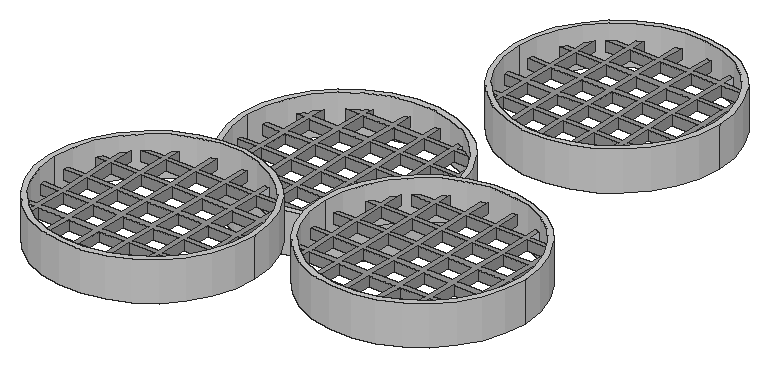
Revit family "CLD-FMD-002_BASKET_RFA", category Modelos genéricos, Revit 2022 (continued)
Forms (in)
  Extrusion 237, solid, not visible
    sketch origin (-0.00149, 0.00149, -1.20924) x (0, 1, 0) y (0, 0, -1)
      loop
        line (0.96881, 1.14538) -> (0.96881, -1.85462) -> (0.65631, -1.85462) -> (0.65631, -2.35462) -> (0.96881, -2.35462) -> (3.48948, -2.35462) -> (3.48948, -0.60462) -> (4.19814, -0.60462) -> (4.19814, -2.35462) -> (9.23948, -2.35462) -> (9.23948, -0.60462) -> (9.94814, -0.60462) -> (9.94814, -2.35462) -> (14.98948, -2.35462) -> (14.98948, -0.60462) -> (15.69814, -0.60462) -> (15.69814, -2.35462) -> (20.73948, -2.35462) -> (20.73948, -0.60462) -> (21.44814, -0.60462) -> (21.44814, -2.35462) -> (24.28131, -2.35462) -> (24.28131, -1.85462) -> (23.96881, -1.85462) -> (23.96881, 1.14538) -> (0.96881, 1.14538)
    from -4.19963 to -4.08152
  Extrusion 238, solid, not visible
    sketch origin (0, 0, 0) x (1, 0, 0) y (0, 0, 1)
      loop
        line (0.96881, 0.64538) -> (0.96881, -2.35462) -> (3.48948, -2.35462) -> (3.48948, -0.60462) -> (4.19814, -0.60462) -> (4.19814, -2.35462) -> (9.23948, -2.35462) -> (9.23948, -0.60462) -> (9.94814, -0.60462) -> (9.94814, -2.35462) -> (14.98948, -2.35462) -> (14.98948, -0.60462) -> (15.69814, -0.60462) -> (15.69814, -2.35462) -> (20.73948, -2.35462) -> (20.73948, -0.60462) -> (21.44814, -0.60462) -> (21.44814, -2.35462) -> (23.96881, -2.35462) -> (23.96881, 0.64538) -> (24.28131, 0.64538) -> (24.28131, 1.14538) -> (0.65631, 1.14538) -> (0.65631, 0.64538) -> (0.96881, 0.64538)
    from -3.60908 to -3.49097
  Extrusion 239, solid, not visible
    sketch origin (0, 0, 0) x (1, 0, 0) y (0, 0, 1)
      loop
        line (0.96881, 0.64538) -> (0.96881, -2.35462) -> (3.48948, -2.35462) -> (3.48948, -0.60462) -> (4.19814, -0.60462) -> (4.19814, -2.35462) -> (9.23948, -2.35462) -> (9.23948, -0.60462) -> (9.94814, -0.60462) -> (9.94814, -2.35462) -> (14.98948, -2.35462) -> (14.98948, -0.60462) -> (15.69814, -0.60462) -> (15.69814, -2.35462) -> (20.73948, -2.35462) -> (20.73948, -0.60462) -> (21.44814, -0.60462) -> (21.44814, -2.35462) -> (23.96881, -2.35462) -> (23.96881, 0.64538) -> (24.28131, 0.64538) -> (24.28131, 1.14538) -> (0.65631, 1.14538) -> (0.65631, 0.64538) -> (0.96881, 0.64538)
    from -4.08152 to -3.60908
  Extrusion 240, solid, not visible
    sketch origin (0, 0, 0) x (1, 0, 0) y (0, 0, 1)
      loop
        line (0.96881, 0.64538) -> (0.96881, -2.35462) -> (3.48948, -2.35462) -> (3.48948, -0.60462) -> (4.19814, -0.60462) -> (4.19814, -2.35462) -> (9.23948, -2.35462) -> (9.23948, -0.60462) -> (9.94814, -0.60462) -> (9.94814, -2.35462) -> (14.98948, -2.35462) -> (14.98948, -0.60462) -> (15.69814, -0.60462) -> (15.69814, -2.35462) -> (20.73948, -2.35462) -> (20.73948, -0.60462) -> (21.44814, -0.60462) -> (21.44814, -2.35462) -> (23.96881, -2.35462) -> (23.96881, 0.64538) -> (24.28131, 0.64538) -> (24.28131, 1.14538) -> (0.65631, 1.14538) -> (0.65631, 0.64538) -> (0.96881, 0.64538)
    from -4.19963 to -4.08152
  Extrusion 241, solid, not visible
    sketch origin (0, 0, 0) x (1, 0, 0) y (0, 0, 1)
      loop
        line (0.96881, 0.64538) -> (0.96881, -2.35462) -> (3.48948, -2.35462) -> (3.48948, -0.60462) -> (4.19814, -0.60462) -> (4.19814, -2.35462) -> (9.23948, -2.35462) -> (9.23948, -0.60462) -> (9.94814, -0.60462) -> (9.94814, -2.35462) -> (14.98948, -2.35462) -> (14.98948, -0.60462) -> (15.69814, -0.60462) -> (15.69814, -2.35462) -> (20.73948, -2.35462) -> (20.73948, -0.60462) -> (21.44814, -0.60462) -> (21.44814, -2.35462) -> (23.96881, -2.35462) -> (23.96881, 0.64538) -> (24.28131, 0.64538) -> (24.28131, 1.14538) -> (0.65631, 1.14538) -> (0.65631, 0.64538) -> (0.96881, 0.64538)
    from -9.94963 to -9.83152
  Extrusion 242, solid, not visible
    sketch origin (0, 0, 0) x (1, 0, 0) y (0, 0, 1)
      loop
        line (0.96881, 0.64538) -> (0.96881, -2.35462) -> (3.48948, -2.35462) -> (3.48948, -0.60462) -> (4.19814, -0.60462) -> (4.19814, -2.35462) -> (9.23948, -2.35462) -> (9.23948, -0.60462) -> (9.94814, -0.60462) -> (9.94814, -2.35462) -> (14.98948, -2.35462) -> (14.98948, -0.60462) -> (15.69814, -0.60462) -> (15.69814, -2.35462) -> (20.73948, -2.35462) -> (20.73948, -0.60462) -> (21.44814, -0.60462) -> (21.44814, -2.35462) -> (23.96881, -2.35462) -> (23.96881, 0.64538) -> (24.28131, 0.64538) -> (24.28131, 1.14538) -> (0.65631, 1.14538) -> (0.65631, 0.64538) -> (0.96881, 0.64538)
    from -9.35908 to -9.24097
  Extrusion 243, solid, not visible
    sketch origin (0, 0, 0) x (1, 0, 0) y (0, 0, 1)
      loop
        line (0.96881, 0.64538) -> (0.96881, -2.35462) -> (3.48948, -2.35462) -> (3.48948, -0.60462) -> (4.19814, -0.60462) -> (4.19814, -2.35462) -> (9.23948, -2.35462) -> (9.23948, -0.60462) -> (9.94814, -0.60462) -> (9.94814, -2.35462) -> (14.98948, -2.35462) -> (14.98948, -0.60462) -> (15.69814, -0.60462) -> (15.69814, -2.35462) -> (20.73948, -2.35462) -> (20.73948, -0.60462) -> (21.44814, -0.60462) -> (21.44814, -2.35462) -> (23.96881, -2.35462) -> (23.96881, 0.64538) -> (24.28131, 0.64538) -> (24.28131, 1.14538) -> (0.65631, 1.14538) -> (0.65631, 0.64538) -> (0.96881, 0.64538)
    from -9.83152 to -9.35908
  Extrusion 244, solid, not visible
    sketch origin (0, 0, 0) x (1, 0, 0) y (0, 0, 1)
      loop
        line (0.96881, 0.64538) -> (0.96881, -2.35462) -> (3.48948, -2.35462) -> (3.48948, -0.60462) -> (4.19814, -0.60462) -> (4.19814, -2.35462) -> (9.23948, -2.35462) -> (9.23948, -0.60462) -> (9.94814, -0.60462) -> (9.94814, -2.35462) -> (14.98948, -2.35462) -> (14.98948, -0.60462) -> (15.69814, -0.60462) -> (15.69814, -2.35462) -> (20.73948, -2.35462) -> (20.73948, -0.60462) -> (21.44814, -0.60462) -> (21.44814, -2.35462) -> (23.96881, -2.35462) -> (23.96881, 0.64538) -> (24.28131, 0.64538) -> (24.28131, 1.14538) -> (0.65631, 1.14538) -> (0.65631, 0.64538) -> (0.96881, 0.64538)
    from -15.69963 to -15.58152
  Extrusion 245, solid, not visible
    sketch origin (0, 0, 0) x (1, 0, 0) y (0, 0, 1)
      loop
        line (0.96881, 0.64538) -> (0.96881, -2.35462) -> (3.48948, -2.35462) -> (3.48948, -0.60462) -> (4.19814, -0.60462) -> (4.19814, -2.35462) -> (9.23948, -2.35462) -> (9.23948, -0.60462) -> (9.94814, -0.60462) -> (9.94814, -2.35462) -> (14.98948, -2.35462) -> (14.98948, -0.60462) -> (15.69814, -0.60462) -> (15.69814, -2.35462) -> (20.73948, -2.35462) -> (20.73948, -0.60462) -> (21.44814, -0.60462) -> (21.44814, -2.35462) -> (23.96881, -2.35462) -> (23.96881, 0.64538) -> (24.28131, 0.64538) -> (24.28131, 1.14538) -> (0.65631, 1.14538) -> (0.65631, 0.64538) -> (0.96881, 0.64538)
    from -15.10908 to -14.99097
  Extrusion 246, solid, not visible
    sketch origin (0, 0, 0) x (1, 0, 0) y (0, 0, 1)
      loop
        line (0.96881, 0.64538) -> (0.96881, -2.35462) -> (3.48948, -2.35462) -> (3.48948, -0.60462) -> (4.19814, -0.60462) -> (4.19814, -2.35462) -> (9.23948, -2.35462) -> (9.23948, -0.60462) -> (9.94814, -0.60462) -> (9.94814, -2.35462) -> (14.98948, -2.35462) -> (14.98948, -0.60462) -> (15.69814, -0.60462) -> (15.69814, -2.35462) -> (20.73948, -2.35462) -> (20.73948, -0.60462) -> (21.44814, -0.60462) -> (21.44814, -2.35462) -> (23.96881, -2.35462) -> (23.96881, 0.64538) -> (24.28131, 0.64538) -> (24.28131, 1.14538) -> (0.65631, 1.14538) -> (0.65631, 0.64538) -> (0.96881, 0.64538)
    from -15.58152 to -15.10908
  Extrusion 247, solid, not visible
    sketch origin (0, 0, 0) x (1, 0, 0) y (0, 0, 1)
      loop
        line (0.96881, 0.64538) -> (0.96881, -2.35462) -> (3.48948, -2.35462) -> (3.48948, -0.60462) -> (4.19814, -0.60462) -> (4.19814, -2.35462) -> (9.23948, -2.35462) -> (9.23948, -0.60462) -> (9.94814, -0.60462) -> (9.94814, -2.35462) -> (14.98948, -2.35462) -> (14.98948, -0.60462) -> (15.69814, -0.60462) -> (15.69814, -2.35462) -> (20.73948, -2.35462) -> (20.73948, -0.60462) -> (21.44814, -0.60462) -> (21.44814, -2.35462) -> (23.96881, -2.35462) -> (23.96881, 0.64538) -> (24.28131, 0.64538) -> (24.28131, 1.14538) -> (0.65631, 1.14538) -> (0.65631, 0.64538) -> (0.96881, 0.64538)
    from -21.44963 to -21.33152
  Extrusion 248, solid, not visible
    sketch origin (0, 0, 0) x (1, 0, 0) y (0, 0, 1)
      loop
        line (0.96881, 0.64538) -> (0.96881, -2.35462) -> (3.48948, -2.35462) -> (3.48948, -0.60462) -> (4.19814, -0.60462) -> (4.19814, -2.35462) -> (9.23948, -2.35462) -> (9.23948, -0.60462) -> (9.94814, -0.60462) -> (9.94814, -2.35462) -> (14.98948, -2.35462) -> (14.98948, -0.60462) -> (15.69814, -0.60462) -> (15.69814, -2.35462) -> (20.73948, -2.35462) -> (20.73948, -0.60462) -> (21.44814, -0.60462) -> (21.44814, -2.35462) -> (23.96881, -2.35462) -> (23.96881, 0.64538) -> (24.28131, 0.64538) -> (24.28131, 1.14538) -> (0.65631, 1.14538) -> (0.65631, 0.64538) -> (0.96881, 0.64538)
    from -20.85908 to -20.74097
  Extrusion 249, solid, not visible
    sketch origin (0, 0, 0) x (1, 0, 0) y (0, 0, 1)
      loop
        line (0.96881, 0.64538) -> (0.96881, -2.35462) -> (3.48948, -2.35462) -> (3.48948, -0.60462) -> (4.19814, -0.60462) -> (4.19814, -2.35462) -> (9.23948, -2.35462) -> (9.23948, -0.60462) -> (9.94814, -0.60462) -> (9.94814, -2.35462) -> (14.98948, -2.35462) -> (14.98948, -0.60462) -> (15.69814, -0.60462) -> (15.69814, -2.35462) -> (20.73948, -2.35462) -> (20.73948, -0.60462) -> (21.44814, -0.60462) -> (21.44814, -2.35462) -> (23.96881, -2.35462) -> (23.96881, 0.64538) -> (24.28131, 0.64538) -> (24.28131, 1.14538) -> (0.65631, 1.14538) -> (0.65631, 0.64538) -> (0.96881, 0.64538)
    from -21.33152 to -20.85908
  Extrusion 250, solid, not visible
    sketch origin (-0.00149, 0.00149, -1.20924) x (0, 1, 0) y (0, 0, -1)
      loop
        line (0.96881, 1.14538) -> (0.96881, -1.85462) -> (0.65631, -1.85462) -> (0.65631, -2.35462) -> (0.96881, -2.35462) -> (3.48948, -2.35462) -> (3.48948, -0.60462) -> (4.19814, -0.60462) -> (4.19814, -2.35462) -> (9.23948, -2.35462) -> (9.23948, -0.60462) -> (9.94814, -0.60462) -> (9.94814, -2.35462) -> (14.98948, -2.35462) -> (14.98948, -0.60462) -> (15.69814, -0.60462) -> (15.69814, -2.35462) -> (20.73948, -2.35462) -> (20.73948, -0.60462) -> (21.44814, -0.60462) -> (21.44814, -2.35462) -> (24.28131, -2.35462) -> (24.28131, -1.85462) -> (23.96881, -1.85462) -> (23.96881, 1.14538) -> (0.96881, 1.14538)
    from -3.60908 to -3.49097
  Extrusion 251, solid, not visible
    sketch origin (0.11662, 0.00149, -1.20924) x (0, 1, 0) y (0, 0, -1)
      loop
        line (0.96881, 1.14538) -> (0.96881, -1.85462) -> (0.65631, -1.85462) -> (0.65631, -2.35462) -> (0.96881, -2.35462) -> (3.48948, -2.35462) -> (3.48948, -0.60462) -> (4.19814, -0.60462) -> (4.19814, -2.35462) -> (9.23948, -2.35462) -> (9.23948, -0.60462) -> (9.94814, -0.60462) -> (9.94814, -2.35462) -> (14.98948, -2.35462) -> (14.98948, -0.60462) -> (15.69814, -0.60462) -> (15.69814, -2.35462) -> (20.73948, -2.35462) -> (20.73948, -0.60462) -> (21.44814, -0.60462) -> (21.44814, -2.35462) -> (24.28131, -2.35462) -> (24.28131, -1.85462) -> (23.96881, -1.85462) -> (23.96881, 1.14538) -> (0.96881, 1.14538)
    from -3.96341 to -3.49097
  Extrusion 252, solid, not visible
    sketch origin (-0.00149, 0.00149, -1.20924) x (0, 1, 0) y (0, 0, -1)
      loop
        line (0.96881, 1.14538) -> (0.96881, -1.85462) -> (0.65631, -1.85462) -> (0.65631, -2.35462) -> (0.96881, -2.35462) -> (3.48948, -2.35462) -> (3.48948, -0.60462) -> (4.19814, -0.60462) -> (4.19814, -2.35462) -> (9.23948, -2.35462) -> (9.23948, -0.60462) -> (9.94814, -0.60462) -> (9.94814, -2.35462) -> (14.98948, -2.35462) -> (14.98948, -0.60462) -> (15.69814, -0.60462) -> (15.69814, -2.35462) -> (20.73948, -2.35462) -> (20.73948, -0.60462) -> (21.44814, -0.60462) -> (21.44814, -2.35462) -> (24.28131, -2.35462) -> (24.28131, -1.85462) -> (23.96881, -1.85462) -> (23.96881, 1.14538) -> (0.96881, 1.14538)
    from -4.19963 to -4.08152
  Extrusion 253, solid, not visible
    sketch origin (5.74851, 0.00149, -1.20924) x (0, 1, 0) y (0, 0, -1)
      loop
        line (0.96881, 1.14538) -> (0.96881, -1.85462) -> (0.65631, -1.85462) -> (0.65631, -2.35462) -> (0.96881, -2.35462) -> (3.48948, -2.35462) -> (3.48948, -0.60462) -> (4.19814, -0.60462) -> (4.19814, -2.35462) -> (9.23948, -2.35462) -> (9.23948, -0.60462) -> (9.94814, -0.60462) -> (9.94814, -2.35462) -> (14.98948, -2.35462) -> (14.98948, -0.60462) -> (15.69814, -0.60462) -> (15.69814, -2.35462) -> (20.73948, -2.35462) -> (20.73948, -0.60462) -> (21.44814, -0.60462) -> (21.44814, -2.35462) -> (24.28131, -2.35462) -> (24.28131, -1.85462) -> (23.96881, -1.85462) -> (23.96881, 1.14538) -> (0.96881, 1.14538)
    from -4.19963 to -4.08152
  Extrusion 254, solid, not visible
    sketch origin (5.15796, 0.00149, -1.20924) x (0, 1, 0) y (0, 0, -1)
      loop
        line (0.96881, 1.14538) -> (0.96881, -1.85462) -> (0.65631, -1.85462) -> (0.65631, -2.35462) -> (0.96881, -2.35462) -> (3.48948, -2.35462) -> (3.48948, -0.60462) -> (4.19814, -0.60462) -> (4.19814, -2.35462) -> (9.23948, -2.35462) -> (9.23948, -0.60462) -> (9.94814, -0.60462) -> (9.94814, -2.35462) -> (14.98948, -2.35462) -> (14.98948, -0.60462) -> (15.69814, -0.60462) -> (15.69814, -2.35462) -> (20.73948, -2.35462) -> (20.73948, -0.60462) -> (21.44814, -0.60462) -> (21.44814, -2.35462) -> (24.28131, -2.35462) -> (24.28131, -1.85462) -> (23.96881, -1.85462) -> (23.96881, 1.14538) -> (0.96881, 1.14538)
    from -4.19963 to -4.08152
  Extrusion 255, solid, not visible
    sketch origin (11.49851, 0.00149, -1.20924) x (0, 1, 0) y (0, 0, -1)
      loop
        line (0.96881, 1.14538) -> (0.96881, -1.85462) -> (0.65631, -1.85462) -> (0.65631, -2.35462) -> (0.96881, -2.35462) -> (3.48948, -2.35462) -> (3.48948, -0.60462) -> (4.19814, -0.60462) -> (4.19814, -2.35462) -> (9.23948, -2.35462) -> (9.23948, -0.60462) -> (9.94814, -0.60462) -> (9.94814, -2.35462) -> (14.98948, -2.35462) -> (14.98948, -0.60462) -> (15.69814, -0.60462) -> (15.69814, -2.35462) -> (20.73948, -2.35462) -> (20.73948, -0.60462) -> (21.44814, -0.60462) -> (21.44814, -2.35462) -> (24.28131, -2.35462) -> (24.28131, -1.85462) -> (23.96881, -1.85462) -> (23.96881, 1.14538) -> (0.96881, 1.14538)
    from -4.19963 to -4.08152
  Extrusion 256, solid, not visible
    sketch origin (10.90796, 0.00149, -1.20924) x (0, 1, 0) y (0, 0, -1)
      loop
        line (0.96881, 1.14538) -> (0.96881, -1.85462) -> (0.65631, -1.85462) -> (0.65631, -2.35462) -> (0.96881, -2.35462) -> (3.48948, -2.35462) -> (3.48948, -0.60462) -> (4.19814, -0.60462) -> (4.19814, -2.35462) -> (9.23948, -2.35462) -> (9.23948, -0.60462) -> (9.94814, -0.60462) -> (9.94814, -2.35462) -> (14.98948, -2.35462) -> (14.98948, -0.60462) -> (15.69814, -0.60462) -> (15.69814, -2.35462) -> (20.73948, -2.35462) -> (20.73948, -0.60462) -> (21.44814, -0.60462) -> (21.44814, -2.35462) -> (24.28131, -2.35462) -> (24.28131, -1.85462) -> (23.96881, -1.85462) -> (23.96881, 1.14538) -> (0.96881, 1.14538)
    from -4.19963 to -4.08152
  Extrusion 257, solid, not visible
    sketch origin (16.65796, 0.00149, -1.20924) x (0, 1, 0) y (0, 0, -1)
      loop
        line (0.96881, 1.14538) -> (0.96881, -1.85462) -> (0.65631, -1.85462) -> (0.65631, -2.35462) -> (0.96881, -2.35462) -> (3.48948, -2.35462) -> (3.48948, -0.60462) -> (4.19814, -0.60462) -> (4.19814, -2.35462) -> (9.23948, -2.35462) -> (9.23948, -0.60462) -> (9.94814, -0.60462) -> (9.94814, -2.35462) -> (14.98948, -2.35462) -> (14.98948, -0.60462) -> (15.69814, -0.60462) -> (15.69814, -2.35462) -> (20.73948, -2.35462) -> (20.73948, -0.60462) -> (21.44814, -0.60462) -> (21.44814, -2.35462) -> (24.28131, -2.35462) -> (24.28131, -1.85462) -> (23.96881, -1.85462) -> (23.96881, 1.14538) -> (0.96881, 1.14538)
    from -4.19963 to -4.08152
  Extrusion 258, solid, not visible
    sketch origin (17.24851, 0.00149, -1.20924) x (0, 1, 0) y (0, 0, -1)
      loop
        line (0.96881, 1.14538) -> (0.96881, -1.85462) -> (0.65631, -1.85462) -> (0.65631, -2.35462) -> (0.96881, -2.35462) -> (3.48948, -2.35462) -> (3.48948, -0.60462) -> (4.19814, -0.60462) -> (4.19814, -2.35462) -> (9.23948, -2.35462) -> (9.23948, -0.60462) -> (9.94814, -0.60462) -> (9.94814, -2.35462) -> (14.98948, -2.35462) -> (14.98948, -0.60462) -> (15.69814, -0.60462) -> (15.69814, -2.35462) -> (20.73948, -2.35462) -> (20.73948, -0.60462) -> (21.44814, -0.60462) -> (21.44814, -2.35462) -> (24.28131, -2.35462) -> (24.28131, -1.85462) -> (23.96881, -1.85462) -> (23.96881, 1.14538) -> (0.96881, 1.14538)
    from -4.19963 to -4.08152
  Extrusion 259, solid, not visible
    sketch origin (5.86662, 0.00149, -1.20924) x (0, 1, 0) y (0, 0, -1)
      loop
        line (0.96881, 1.14538) -> (0.96881, -1.85462) -> (0.65631, -1.85462) -> (0.65631, -2.35462) -> (0.96881, -2.35462) -> (3.48948, -2.35462) -> (3.48948, -0.60462) -> (4.19814, -0.60462) -> (4.19814, -2.35462) -> (9.23948, -2.35462) -> (9.23948, -0.60462) -> (9.94814, -0.60462) -> (9.94814, -2.35462) -> (14.98948, -2.35462) -> (14.98948, -0.60462) -> (15.69814, -0.60462) -> (15.69814, -2.35462) -> (20.73948, -2.35462) -> (20.73948, -0.60462) -> (21.44814, -0.60462) -> (21.44814, -2.35462) -> (24.28131, -2.35462) -> (24.28131, -1.85462) -> (23.96881, -1.85462) -> (23.96881, 1.14538) -> (0.96881, 1.14538)
    from -3.96341 to -3.49097
  Extrusion 260, solid, not visible
    sketch origin (11.61662, 0.00149, -1.20924) x (0, 1, 0) y (0, 0, -1)
      loop
        line (0.96881, 1.14538) -> (0.96881, -1.85462) -> (0.65631, -1.85462) -> (0.65631, -2.35462) -> (0.96881, -2.35462) -> (3.48948, -2.35462) -> (3.48948, -0.60462) -> (4.19814, -0.60462) -> (4.19814, -2.35462) -> (9.23948, -2.35462) -> (9.23948, -0.60462) -> (9.94814, -0.60462) -> (9.94814, -2.35462) -> (14.98948, -2.35462) -> (14.98948, -0.60462) -> (15.69814, -0.60462) -> (15.69814, -2.35462) -> (20.73948, -2.35462) -> (20.73948, -0.60462) -> (21.44814, -0.60462) -> (21.44814, -2.35462) -> (24.28131, -2.35462) -> (24.28131, -1.85462) -> (23.96881, -1.85462) -> (23.96881, 1.14538) -> (0.96881, 1.14538)
    from -3.96341 to -3.49097
  Extrusion 261, solid, not visible
    sketch origin (17.36662, 0.00149, -1.20924) x (0, 1, 0) y (0, 0, -1)
      loop
        line (0.96881, 1.14538) -> (0.96881, -1.85462) -> (0.65631, -1.85462) -> (0.65631, -2.35462) -> (0.96881, -2.35462) -> (3.48948, -2.35462) -> (3.48948, -0.60462) -> (4.19814, -0.60462) -> (4.19814, -2.35462) -> (9.23948, -2.35462) -> (9.23948, -0.60462) -> (9.94814, -0.60462) -> (9.94814, -2.35462) -> (14.98948, -2.35462) -> (14.98948, -0.60462) -> (15.69814, -0.60462) -> (15.69814, -2.35462) -> (20.73948, -2.35462) -> (20.73948, -0.60462) -> (21.44814, -0.60462) -> (21.44814, -2.35462) -> (24.28131, -2.35462) -> (24.28131, -1.85462) -> (23.96881, -1.85462) -> (23.96881, 1.14538) -> (0.96881, 1.14538)
    from -3.96341 to -3.49097
  Extrusion 262, solid, not visible
    sketch origin (0, 0, 0) x (1, 0, 0) y (0, 0, 1)
      loop
        line (0.96881, 0.64538) -> (0.96881, -2.35462) -> (3.48948, -2.35462) -> (3.48948, -0.60462) -> (4.19814, -0.60462) -> (4.19814, -2.35462) -> (9.23948, -2.35462) -> (9.23948, -0.60462) -> (9.94814, -0.60462) -> (9.94814, -2.35462) -> (14.98948, -2.35462) -> (14.98948, -0.60462) -> (15.69814, -0.60462) -> (15.69814, -2.35462) -> (20.73948, -2.35462) -> (20.73948, -0.60462) -> (21.44814, -0.60462) -> (21.44814, -2.35462) -> (23.96881, -2.35462) -> (23.96881, 0.64538) -> (24.28131, 0.64538) -> (24.28131, 1.14538) -> (0.65631, 1.14538) -> (0.65631, 0.64538) -> (0.96881, 0.64538)
    from -3.60908 to -3.49097
  Extrusion 263, solid, not visible
    sketch origin (0, 0, 0) x (1, 0, 0) y (0, 0, 1)
      loop
        line (0.96881, 0.64538) -> (0.96881, -2.35462) -> (3.48948, -2.35462) -> (3.48948, -0.60462) -> (4.19814, -0.60462) -> (4.19814, -2.35462) -> (9.23948, -2.35462) -> (9.23948, -0.60462) -> (9.94814, -0.60462) -> (9.94814, -2.35462) -> (14.98948, -2.35462) -> (14.98948, -0.60462) -> (15.69814, -0.60462) -> (15.69814, -2.35462) -> (20.73948, -2.35462) -> (20.73948, -0.60462) -> (21.44814, -0.60462) -> (21.44814, -2.35462) -> (23.96881, -2.35462) -> (23.96881, 0.64538) -> (24.28131, 0.64538) -> (24.28131, 1.14538) -> (0.65631, 1.14538) -> (0.65631, 0.64538) -> (0.96881, 0.64538)
    from -4.08152 to -3.60908
  Extrusion 264, solid, not visible
    sketch origin (0, 0, 0) x (1, 0, 0) y (0, 0, 1)
      loop
        line (0.96881, 0.64538) -> (0.96881, -2.35462) -> (3.48948, -2.35462) -> (3.48948, -0.60462) -> (4.19814, -0.60462) -> (4.19814, -2.35462) -> (9.23948, -2.35462) -> (9.23948, -0.60462) -> (9.94814, -0.60462) -> (9.94814, -2.35462) -> (14.98948, -2.35462) -> (14.98948, -0.60462) -> (15.69814, -0.60462) -> (15.69814, -2.35462) -> (20.73948, -2.35462) -> (20.73948, -0.60462) -> (21.44814, -0.60462) -> (21.44814, -2.35462) -> (23.96881, -2.35462) -> (23.96881, 0.64538) -> (24.28131, 0.64538) -> (24.28131, 1.14538) -> (0.65631, 1.14538) -> (0.65631, 0.64538) -> (0.96881, 0.64538)
    from -4.19963 to -4.08152
  Extrusion 265, solid, not visible
    sketch origin (-0.00149, 0.00149, -1.20924) x (0, 1, 0) y (0, 0, -1)
      loop
        line (0.96881, 1.14538) -> (0.96881, -1.85462) -> (0.65631, -1.85462) -> (0.65631, -2.35462) -> (0.96881, -2.35462) -> (3.48948, -2.35462) -> (3.48948, -0.60462) -> (4.19814, -0.60462) -> (4.19814, -2.35462) -> (9.23948, -2.35462) -> (9.23948, -0.60462) -> (9.94814, -0.60462) -> (9.94814, -2.35462) -> (14.98948, -2.35462) -> (14.98948, -0.60462) -> (15.69814, -0.60462) -> (15.69814, -2.35462) -> (20.73948, -2.35462) -> (20.73948, -0.60462) -> (21.44814, -0.60462) -> (21.44814, -2.35462) -> (24.28131, -2.35462) -> (24.28131, -1.85462) -> (23.96881, -1.85462) -> (23.96881, 1.14538) -> (0.96881, 1.14538)
    from -3.60908 to -3.49097
  Extrusion 266, solid, not visible
    sketch origin (0.11662, 0.00149, -1.20924) x (0, 1, 0) y (0, 0, -1)
      loop
        line (0.96881, 1.14538) -> (0.96881, -1.85462) -> (0.65631, -1.85462) -> (0.65631, -2.35462) -> (0.96881, -2.35462) -> (3.48948, -2.35462) -> (3.48948, -0.60462) -> (4.19814, -0.60462) -> (4.19814, -2.35462) -> (9.23948, -2.35462) -> (9.23948, -0.60462) -> (9.94814, -0.60462) -> (9.94814, -2.35462) -> (14.98948, -2.35462) -> (14.98948, -0.60462) -> (15.69814, -0.60462) -> (15.69814, -2.35462) -> (20.73948, -2.35462) -> (20.73948, -0.60462) -> (21.44814, -0.60462) -> (21.44814, -2.35462) -> (24.28131, -2.35462) -> (24.28131, -1.85462) -> (23.96881, -1.85462) -> (23.96881, 1.14538) -> (0.96881, 1.14538)
    from -3.96341 to -3.49097
  Extrusion 267, solid, not visible
    sketch origin (-0.00149, 0.00149, -1.20924) x (0, 1, 0) y (0, 0, -1)
      loop
        line (0.96881, 1.14538) -> (0.96881, -1.85462) -> (0.65631, -1.85462) -> (0.65631, -2.35462) -> (0.96881, -2.35462) -> (3.48948, -2.35462) -> (3.48948, -0.60462) -> (4.19814, -0.60462) -> (4.19814, -2.35462) -> (9.23948, -2.35462) -> (9.23948, -0.60462) -> (9.94814, -0.60462) -> (9.94814, -2.35462) -> (14.98948, -2.35462) -> (14.98948, -0.60462) -> (15.69814, -0.60462) -> (15.69814, -2.35462) -> (20.73948, -2.35462) -> (20.73948, -0.60462) -> (21.44814, -0.60462) -> (21.44814, -2.35462) -> (24.28131, -2.35462) -> (24.28131, -1.85462) -> (23.96881, -1.85462) -> (23.96881, 1.14538) -> (0.96881, 1.14538)
    from -4.19963 to -4.08152
  Extrusion 268, solid, not visible
    sketch origin (0, 0, 0) x (1, 0, 0) y (0, 0, 1)
      loop
        line (0.96881, 0.64538) -> (0.96881, -2.35462) -> (3.48948, -2.35462) -> (3.48948, -0.60462) -> (4.19814, -0.60462) -> (4.19814, -2.35462) -> (9.23948, -2.35462) -> (9.23948, -0.60462) -> (9.94814, -0.60462) -> (9.94814, -2.35462) -> (14.98948, -2.35462) -> (14.98948, -0.60462) -> (15.69814, -0.60462) -> (15.69814, -2.35462) -> (20.73948, -2.35462) -> (20.73948, -0.60462) -> (21.44814, -0.60462) -> (21.44814, -2.35462) -> (23.96881, -2.35462) -> (23.96881, 0.64538) -> (24.28131, 0.64538) -> (24.28131, 1.14538) -> (0.65631, 1.14538) -> (0.65631, 0.64538) -> (0.96881, 0.64538)
    from -9.94963 to -9.83152
  Extrusion 269, solid, not visible
    sketch origin (0, 0, 0) x (1, 0, 0) y (0, 0, 1)
      loop
        line (0.96881, 0.64538) -> (0.96881, -2.35462) -> (3.48948, -2.35462) -> (3.48948, -0.60462) -> (4.19814, -0.60462) -> (4.19814, -2.35462) -> (9.23948, -2.35462) -> (9.23948, -0.60462) -> (9.94814, -0.60462) -> (9.94814, -2.35462) -> (14.98948, -2.35462) -> (14.98948, -0.60462) -> (15.69814, -0.60462) -> (15.69814, -2.35462) -> (20.73948, -2.35462) -> (20.73948, -0.60462) -> (21.44814, -0.60462) -> (21.44814, -2.35462) -> (23.96881, -2.35462) -> (23.96881, 0.64538) -> (24.28131, 0.64538) -> (24.28131, 1.14538) -> (0.65631, 1.14538) -> (0.65631, 0.64538) -> (0.96881, 0.64538)
    from -9.35908 to -9.24097
  Extrusion 270, solid, not visible
    sketch origin (0, 0, 0) x (1, 0, 0) y (0, 0, 1)
      loop
        line (0.96881, 0.64538) -> (0.96881, -2.35462) -> (3.48948, -2.35462) -> (3.48948, -0.60462) -> (4.19814, -0.60462) -> (4.19814, -2.35462) -> (9.23948, -2.35462) -> (9.23948, -0.60462) -> (9.94814, -0.60462) -> (9.94814, -2.35462) -> (14.98948, -2.35462) -> (14.98948, -0.60462) -> (15.69814, -0.60462) -> (15.69814, -2.35462) -> (20.73948, -2.35462) -> (20.73948, -0.60462) -> (21.44814, -0.60462) -> (21.44814, -2.35462) -> (23.96881, -2.35462) -> (23.96881, 0.64538) -> (24.28131, 0.64538) -> (24.28131, 1.14538) -> (0.65631, 1.14538) -> (0.65631, 0.64538) -> (0.96881, 0.64538)
    from -9.83152 to -9.35908
  Extrusion 271, solid, not visible
    sketch origin (0, 0, 0) x (1, 0, 0) y (0, 0, 1)
      loop
        line (0.96881, 0.64538) -> (0.96881, -2.35462) -> (3.48948, -2.35462) -> (3.48948, -0.60462) -> (4.19814, -0.60462) -> (4.19814, -2.35462) -> (9.23948, -2.35462) -> (9.23948, -0.60462) -> (9.94814, -0.60462) -> (9.94814, -2.35462) -> (14.98948, -2.35462) -> (14.98948, -0.60462) -> (15.69814, -0.60462) -> (15.69814, -2.35462) -> (20.73948, -2.35462) -> (20.73948, -0.60462) -> (21.44814, -0.60462) -> (21.44814, -2.35462) -> (23.96881, -2.35462) -> (23.96881, 0.64538) -> (24.28131, 0.64538) -> (24.28131, 1.14538) -> (0.65631, 1.14538) -> (0.65631, 0.64538) -> (0.96881, 0.64538)
    from -15.69963 to -15.58152
  Extrusion 272, solid, not visible
    sketch origin (0, 0, 0) x (1, 0, 0) y (0, 0, 1)
      loop
        line (0.96881, 0.64538) -> (0.96881, -2.35462) -> (3.48948, -2.35462) -> (3.48948, -0.60462) -> (4.19814, -0.60462) -> (4.19814, -2.35462) -> (9.23948, -2.35462) -> (9.23948, -0.60462) -> (9.94814, -0.60462) -> (9.94814, -2.35462) -> (14.98948, -2.35462) -> (14.98948, -0.60462) -> (15.69814, -0.60462) -> (15.69814, -2.35462) -> (20.73948, -2.35462) -> (20.73948, -0.60462) -> (21.44814, -0.60462) -> (21.44814, -2.35462) -> (23.96881, -2.35462) -> (23.96881, 0.64538) -> (24.28131, 0.64538) -> (24.28131, 1.14538) -> (0.65631, 1.14538) -> (0.65631, 0.64538) -> (0.96881, 0.64538)
    from -15.10908 to -14.99097
  Extrusion 273, solid, not visible
    sketch origin (0, 0, 0) x (1, 0, 0) y (0, 0, 1)
      loop
        line (0.96881, 0.64538) -> (0.96881, -2.35462) -> (3.48948, -2.35462) -> (3.48948, -0.60462) -> (4.19814, -0.60462) -> (4.19814, -2.35462) -> (9.23948, -2.35462) -> (9.23948, -0.60462) -> (9.94814, -0.60462) -> (9.94814, -2.35462) -> (14.98948, -2.35462) -> (14.98948, -0.60462) -> (15.69814, -0.60462) -> (15.69814, -2.35462) -> (20.73948, -2.35462) -> (20.73948, -0.60462) -> (21.44814, -0.60462) -> (21.44814, -2.35462) -> (23.96881, -2.35462) -> (23.96881, 0.64538) -> (24.28131, 0.64538) -> (24.28131, 1.14538) -> (0.65631, 1.14538) -> (0.65631, 0.64538) -> (0.96881, 0.64538)
    from -15.58152 to -15.10908
  Extrusion 274, solid, not visible
    sketch origin (0, 0, 0) x (1, 0, 0) y (0, 0, 1)
      loop
        line (0.96881, 0.64538) -> (0.96881, -2.35462) -> (3.48948, -2.35462) -> (3.48948, -0.60462) -> (4.19814, -0.60462) -> (4.19814, -2.35462) -> (9.23948, -2.35462) -> (9.23948, -0.60462) -> (9.94814, -0.60462) -> (9.94814, -2.35462) -> (14.98948, -2.35462) -> (14.98948, -0.60462) -> (15.69814, -0.60462) -> (15.69814, -2.35462) -> (20.73948, -2.35462) -> (20.73948, -0.60462) -> (21.44814, -0.60462) -> (21.44814, -2.35462) -> (23.96881, -2.35462) -> (23.96881, 0.64538) -> (24.28131, 0.64538) -> (24.28131, 1.14538) -> (0.65631, 1.14538) -> (0.65631, 0.64538) -> (0.96881, 0.64538)
    from -21.44963 to -21.33152
  Extrusion 275, solid, not visible
    sketch origin (0, 0, 0) x (1, 0, 0) y (0, 0, 1)
      loop
        line (0.96881, 0.64538) -> (0.96881, -2.35462) -> (3.48948, -2.35462) -> (3.48948, -0.60462) -> (4.19814, -0.60462) -> (4.19814, -2.35462) -> (9.23948, -2.35462) -> (9.23948, -0.60462) -> (9.94814, -0.60462) -> (9.94814, -2.35462) -> (14.98948, -2.35462) -> (14.98948, -0.60462) -> (15.69814, -0.60462) -> (15.69814, -2.35462) -> (20.73948, -2.35462) -> (20.73948, -0.60462) -> (21.44814, -0.60462) -> (21.44814, -2.35462) -> (23.96881, -2.35462) -> (23.96881, 0.64538) -> (24.28131, 0.64538) -> (24.28131, 1.14538) -> (0.65631, 1.14538) -> (0.65631, 0.64538) -> (0.96881, 0.64538)
    from -20.85908 to -20.74097
  Extrusion 276, solid, not visible
    sketch origin (0, 0, 0) x (1, 0, 0) y (0, 0, 1)
      loop
        line (0.96881, 0.64538) -> (0.96881, -2.35462) -> (3.48948, -2.35462) -> (3.48948, -0.60462) -> (4.19814, -0.60462) -> (4.19814, -2.35462) -> (9.23948, -2.35462) -> (9.23948, -0.60462) -> (9.94814, -0.60462) -> (9.94814, -2.35462) -> (14.98948, -2.35462) -> (14.98948, -0.60462) -> (15.69814, -0.60462) -> (15.69814, -2.35462) -> (20.73948, -2.35462) -> (20.73948, -0.60462) -> (21.44814, -0.60462) -> (21.44814, -2.35462) -> (23.96881, -2.35462) -> (23.96881, 0.64538) -> (24.28131, 0.64538) -> (24.28131, 1.14538) -> (0.65631, 1.14538) -> (0.65631, 0.64538) -> (0.96881, 0.64538)
    from -21.33152 to -20.85908
  Extrusion 277, solid, not visible
    sketch origin (5.74851, 0.00149, -1.20924) x (0, 1, 0) y (0, 0, -1)
      loop
        line (0.96881, 1.14538) -> (0.96881, -1.85462) -> (0.65631, -1.85462) -> (0.65631, -2.35462) -> (0.96881, -2.35462) -> (3.48948, -2.35462) -> (3.48948, -0.60462) -> (4.19814, -0.60462) -> (4.19814, -2.35462) -> (9.23948, -2.35462) -> (9.23948, -0.60462) -> (9.94814, -0.60462) -> (9.94814, -2.35462) -> (14.98948, -2.35462) -> (14.98948, -0.60462) -> (15.69814, -0.60462) -> (15.69814, -2.35462) -> (20.73948, -2.35462) -> (20.73948, -0.60462) -> (21.44814, -0.60462) -> (21.44814, -2.35462) -> (24.28131, -2.35462) -> (24.28131, -1.85462) -> (23.96881, -1.85462) -> (23.96881, 1.14538) -> (0.96881, 1.14538)
    from -4.19963 to -4.08152
  Extrusion 278, solid, not visible
    sketch origin (5.15796, 0.00149, -1.20924) x (0, 1, 0) y (0, 0, -1)
      loop
        line (0.96881, 1.14538) -> (0.96881, -1.85462) -> (0.65631, -1.85462) -> (0.65631, -2.35462) -> (0.96881, -2.35462) -> (3.48948, -2.35462) -> (3.48948, -0.60462) -> (4.19814, -0.60462) -> (4.19814, -2.35462) -> (9.23948, -2.35462) -> (9.23948, -0.60462) -> (9.94814, -0.60462) -> (9.94814, -2.35462) -> (14.98948, -2.35462) -> (14.98948, -0.60462) -> (15.69814, -0.60462) -> (15.69814, -2.35462) -> (20.73948, -2.35462) -> (20.73948, -0.60462) -> (21.44814, -0.60462) -> (21.44814, -2.35462) -> (24.28131, -2.35462) -> (24.28131, -1.85462) -> (23.96881, -1.85462) -> (23.96881, 1.14538) -> (0.96881, 1.14538)
    from -4.19963 to -4.08152
  Extrusion 279, solid, not visible
    sketch origin (11.49851, 0.00149, -1.20924) x (0, 1, 0) y (0, 0, -1)
      loop
        line (0.96881, 1.14538) -> (0.96881, -1.85462) -> (0.65631, -1.85462) -> (0.65631, -2.35462) -> (0.96881, -2.35462) -> (3.48948, -2.35462) -> (3.48948, -0.60462) -> (4.19814, -0.60462) -> (4.19814, -2.35462) -> (9.23948, -2.35462) -> (9.23948, -0.60462) -> (9.94814, -0.60462) -> (9.94814, -2.35462) -> (14.98948, -2.35462) -> (14.98948, -0.60462) -> (15.69814, -0.60462) -> (15.69814, -2.35462) -> (20.73948, -2.35462) -> (20.73948, -0.60462) -> (21.44814, -0.60462) -> (21.44814, -2.35462) -> (24.28131, -2.35462) -> (24.28131, -1.85462) -> (23.96881, -1.85462) -> (23.96881, 1.14538) -> (0.96881, 1.14538)
    from -4.19963 to -4.08152
  Extrusion 280, solid, not visible
    sketch origin (10.90796, 0.00149, -1.20924) x (0, 1, 0) y (0, 0, -1)
      loop
        line (0.96881, 1.14538) -> (0.96881, -1.85462) -> (0.65631, -1.85462) -> (0.65631, -2.35462) -> (0.96881, -2.35462) -> (3.48948, -2.35462) -> (3.48948, -0.60462) -> (4.19814, -0.60462) -> (4.19814, -2.35462) -> (9.23948, -2.35462) -> (9.23948, -0.60462) -> (9.94814, -0.60462) -> (9.94814, -2.35462) -> (14.98948, -2.35462) -> (14.98948, -0.60462) -> (15.69814, -0.60462) -> (15.69814, -2.35462) -> (20.73948, -2.35462) -> (20.73948, -0.60462) -> (21.44814, -0.60462) -> (21.44814, -2.35462) -> (24.28131, -2.35462) -> (24.28131, -1.85462) -> (23.96881, -1.85462) -> (23.96881, 1.14538) -> (0.96881, 1.14538)
    from -4.19963 to -4.08152
  Extrusion 281, solid, not visible
    sketch origin (16.65796, 0.00149, -1.20924) x (0, 1, 0) y (0, 0, -1)
      loop
        line (0.96881, 1.14538) -> (0.96881, -1.85462) -> (0.65631, -1.85462) -> (0.65631, -2.35462) -> (0.96881, -2.35462) -> (3.48948, -2.35462) -> (3.48948, -0.60462) -> (4.19814, -0.60462) -> (4.19814, -2.35462) -> (9.23948, -2.35462) -> (9.23948, -0.60462) -> (9.94814, -0.60462) -> (9.94814, -2.35462) -> (14.98948, -2.35462) -> (14.98948, -0.60462) -> (15.69814, -0.60462) -> (15.69814, -2.35462) -> (20.73948, -2.35462) -> (20.73948, -0.60462) -> (21.44814, -0.60462) -> (21.44814, -2.35462) -> (24.28131, -2.35462) -> (24.28131, -1.85462) -> (23.96881, -1.85462) -> (23.96881, 1.14538) -> (0.96881, 1.14538)
    from -4.19963 to -4.08152
  Extrusion 282, solid, not visible
    sketch origin (17.24851, 0.00149, -1.20924) x (0, 1, 0) y (0, 0, -1)
      loop
        line (0.96881, 1.14538) -> (0.96881, -1.85462) -> (0.65631, -1.85462) -> (0.65631, -2.35462) -> (0.96881, -2.35462) -> (3.48948, -2.35462) -> (3.48948, -0.60462) -> (4.19814, -0.60462) -> (4.19814, -2.35462) -> (9.23948, -2.35462) -> (9.23948, -0.60462) -> (9.94814, -0.60462) -> (9.94814, -2.35462) -> (14.98948, -2.35462) -> (14.98948, -0.60462) -> (15.69814, -0.60462) -> (15.69814, -2.35462) -> (20.73948, -2.35462) -> (20.73948, -0.60462) -> (21.44814, -0.60462) -> (21.44814, -2.35462) -> (24.28131, -2.35462) -> (24.28131, -1.85462) -> (23.96881, -1.85462) -> (23.96881, 1.14538) -> (0.96881, 1.14538)
    from -4.19963 to -4.08152
  Extrusion 283, solid, not visible
    sketch origin (5.86662, 0.00149, -1.20924) x (0, 1, 0) y (0, 0, -1)
      loop
        line (0.96881, 1.14538) -> (0.96881, -1.85462) -> (0.65631, -1.85462) -> (0.65631, -2.35462) -> (0.96881, -2.35462) -> (3.48948, -2.35462) -> (3.48948, -0.60462) -> (4.19814, -0.60462) -> (4.19814, -2.35462) -> (9.23948, -2.35462) -> (9.23948, -0.60462) -> (9.94814, -0.60462) -> (9.94814, -2.35462) -> (14.98948, -2.35462) -> (14.98948, -0.60462) -> (15.69814, -0.60462) -> (15.69814, -2.35462) -> (20.73948, -2.35462) -> (20.73948, -0.60462) -> (21.44814, -0.60462) -> (21.44814, -2.35462) -> (24.28131, -2.35462) -> (24.28131, -1.85462) -> (23.96881, -1.85462) -> (23.96881, 1.14538) -> (0.96881, 1.14538)
    from -3.96341 to -3.49097
  Extrusion 284, solid, not visible
    sketch origin (11.61662, 0.00149, -1.20924) x (0, 1, 0) y (0, 0, -1)
      loop
        line (0.96881, 1.14538) -> (0.96881, -1.85462) -> (0.65631, -1.85462) -> (0.65631, -2.35462) -> (0.96881, -2.35462) -> (3.48948, -2.35462) -> (3.48948, -0.60462) -> (4.19814, -0.60462) -> (4.19814, -2.35462) -> (9.23948, -2.35462) -> (9.23948, -0.60462) -> (9.94814, -0.60462) -> (9.94814, -2.35462) -> (14.98948, -2.35462) -> (14.98948, -0.60462) -> (15.69814, -0.60462) -> (15.69814, -2.35462) -> (20.73948, -2.35462) -> (20.73948, -0.60462) -> (21.44814, -0.60462) -> (21.44814, -2.35462) -> (24.28131, -2.35462) -> (24.28131, -1.85462) -> (23.96881, -1.85462) -> (23.96881, 1.14538) -> (0.96881, 1.14538)
    from -3.96341 to -3.49097
  Extrusion 285, solid, not visible
    sketch origin (17.36662, 0.00149, -1.20924) x (0, 1, 0) y (0, 0, -1)
      loop
        line (0.96881, 1.14538) -> (0.96881, -1.85462) -> (0.65631, -1.85462) -> (0.65631, -2.35462) -> (0.96881, -2.35462) -> (3.48948, -2.35462) -> (3.48948, -0.60462) -> (4.19814, -0.60462) -> (4.19814, -2.35462) -> (9.23948, -2.35462) -> (9.23948, -0.60462) -> (9.94814, -0.60462) -> (9.94814, -2.35462) -> (14.98948, -2.35462) -> (14.98948, -0.60462) -> (15.69814, -0.60462) -> (15.69814, -2.35462) -> (20.73948, -2.35462) -> (20.73948, -0.60462) -> (21.44814, -0.60462) -> (21.44814, -2.35462) -> (24.28131, -2.35462) -> (24.28131, -1.85462) -> (23.96881, -1.85462) -> (23.96881, 1.14538) -> (0.96881, 1.14538)
    from -3.96341 to -3.49097
  Extrusion 286, solid, not visible
    sketch origin (-44, 0, 0) x (1, 0, 0) y (0, 0, 1)
      loop
        line (0.96881, 0.64538) -> (0.96881, -2.35462) -> (3.48948, -2.35462) -> (3.48948, -0.60462) -> (4.19814, -0.60462) -> (4.19814, -2.35462) -> (9.23948, -2.35462) -> (9.23948, -0.60462) -> (9.94814, -0.60462) -> (9.94814, -2.35462) -> (14.98948, -2.35462) -> (14.98948, -0.60462) -> (15.69814, -0.60462) -> (15.69814, -2.35462) -> (20.73948, -2.35462) -> (20.73948, -0.60462) -> (21.44814, -0.60462) -> (21.44814, -2.35462) -> (23.96881, -2.35462) -> (23.96881, 0.64538) -> (24.28131, 0.64538) -> (24.28131, 1.14538) -> (0.65631, 1.14538) -> (0.65631, 0.64538) -> (0.96881, 0.64538)
    from -3.60908 to -3.49097
  Extrusion 287, solid, not visible
    sketch origin (-44, 0, 0) x (1, 0, 0) y (0, 0, 1)
      loop
        line (0.96881, 0.64538) -> (0.96881, -2.35462) -> (3.48948, -2.35462) -> (3.48948, -0.60462) -> (4.19814, -0.60462) -> (4.19814, -2.35462) -> (9.23948, -2.35462) -> (9.23948, -0.60462) -> (9.94814, -0.60462) -> (9.94814, -2.35462) -> (14.98948, -2.35462) -> (14.98948, -0.60462) -> (15.69814, -0.60462) -> (15.69814, -2.35462) -> (20.73948, -2.35462) -> (20.73948, -0.60462) -> (21.44814, -0.60462) -> (21.44814, -2.35462) -> (23.96881, -2.35462) -> (23.96881, 0.64538) -> (24.28131, 0.64538) -> (24.28131, 1.14538) -> (0.65631, 1.14538) -> (0.65631, 0.64538) -> (0.96881, 0.64538)
    from -4.08152 to -3.60908
  Extrusion 288, solid, not visible
    sketch origin (-44, 0, 0) x (1, 0, 0) y (0, 0, 1)
      loop
        line (0.96881, 0.64538) -> (0.96881, -2.35462) -> (3.48948, -2.35462) -> (3.48948, -0.60462) -> (4.19814, -0.60462) -> (4.19814, -2.35462) -> (9.23948, -2.35462) -> (9.23948, -0.60462) -> (9.94814, -0.60462) -> (9.94814, -2.35462) -> (14.98948, -2.35462) -> (14.98948, -0.60462) -> (15.69814, -0.60462) -> (15.69814, -2.35462) -> (20.73948, -2.35462) -> (20.73948, -0.60462) -> (21.44814, -0.60462) -> (21.44814, -2.35462) -> (23.96881, -2.35462) -> (23.96881, 0.64538) -> (24.28131, 0.64538) -> (24.28131, 1.14538) -> (0.65631, 1.14538) -> (0.65631, 0.64538) -> (0.96881, 0.64538)
    from -4.19963 to -4.08152
  Extrusion 289, solid, not visible
    sketch origin (-44, 0, 0) x (1, 0, 0) y (0, 0, 1)
      loop
        line (0.96881, 0.64538) -> (0.96881, -2.35462) -> (3.48948, -2.35462) -> (3.48948, -0.60462) -> (4.19814, -0.60462) -> (4.19814, -2.35462) -> (9.23948, -2.35462) -> (9.23948, -0.60462) -> (9.94814, -0.60462) -> (9.94814, -2.35462) -> (14.98948, -2.35462) -> (14.98948, -0.60462) -> (15.69814, -0.60462) -> (15.69814, -2.35462) -> (20.73948, -2.35462) -> (20.73948, -0.60462) -> (21.44814, -0.60462) -> (21.44814, -2.35462) -> (23.96881, -2.35462) -> (23.96881, 0.64538) -> (24.28131, 0.64538) -> (24.28131, 1.14538) -> (0.65631, 1.14538) -> (0.65631, 0.64538) -> (0.96881, 0.64538)
    from -9.94963 to -9.83152
  Extrusion 290, solid, not visible
    sketch origin (-44, 0, 0) x (1, 0, 0) y (0, 0, 1)
      loop
        line (0.96881, 0.64538) -> (0.96881, -2.35462) -> (3.48948, -2.35462) -> (3.48948, -0.60462) -> (4.19814, -0.60462) -> (4.19814, -2.35462) -> (9.23948, -2.35462) -> (9.23948, -0.60462) -> (9.94814, -0.60462) -> (9.94814, -2.35462) -> (14.98948, -2.35462) -> (14.98948, -0.60462) -> (15.69814, -0.60462) -> (15.69814, -2.35462) -> (20.73948, -2.35462) -> (20.73948, -0.60462) -> (21.44814, -0.60462) -> (21.44814, -2.35462) -> (23.96881, -2.35462) -> (23.96881, 0.64538) -> (24.28131, 0.64538) -> (24.28131, 1.14538) -> (0.65631, 1.14538) -> (0.65631, 0.64538) -> (0.96881, 0.64538)
    from -9.35908 to -9.24097
  Extrusion 291, solid, not visible
    sketch origin (-44, 0, 0) x (1, 0, 0) y (0, 0, 1)
      loop
        line (0.96881, 0.64538) -> (0.96881, -2.35462) -> (3.48948, -2.35462) -> (3.48948, -0.60462) -> (4.19814, -0.60462) -> (4.19814, -2.35462) -> (9.23948, -2.35462) -> (9.23948, -0.60462) -> (9.94814, -0.60462) -> (9.94814, -2.35462) -> (14.98948, -2.35462) -> (14.98948, -0.60462) -> (15.69814, -0.60462) -> (15.69814, -2.35462) -> (20.73948, -2.35462) -> (20.73948, -0.60462) -> (21.44814, -0.60462) -> (21.44814, -2.35462) -> (23.96881, -2.35462) -> (23.96881, 0.64538) -> (24.28131, 0.64538) -> (24.28131, 1.14538) -> (0.65631, 1.14538) -> (0.65631, 0.64538) -> (0.96881, 0.64538)
    from -9.83152 to -9.35908
  Extrusion 292, solid, not visible
    sketch origin (-44, 0, 0) x (1, 0, 0) y (0, 0, 1)
      loop
        line (0.96881, 0.64538) -> (0.96881, -2.35462) -> (3.48948, -2.35462) -> (3.48948, -0.60462) -> (4.19814, -0.60462) -> (4.19814, -2.35462) -> (9.23948, -2.35462) -> (9.23948, -0.60462) -> (9.94814, -0.60462) -> (9.94814, -2.35462) -> (14.98948, -2.35462) -> (14.98948, -0.60462) -> (15.69814, -0.60462) -> (15.69814, -2.35462) -> (20.73948, -2.35462) -> (20.73948, -0.60462) -> (21.44814, -0.60462) -> (21.44814, -2.35462) -> (23.96881, -2.35462) -> (23.96881, 0.64538) -> (24.28131, 0.64538) -> (24.28131, 1.14538) -> (0.65631, 1.14538) -> (0.65631, 0.64538) -> (0.96881, 0.64538)
    from -15.69963 to -15.58152
  Extrusion 293, solid, not visible
    sketch origin (-44, 0, 0) x (1, 0, 0) y (0, 0, 1)
      loop
        line (0.96881, 0.64538) -> (0.96881, -2.35462) -> (3.48948, -2.35462) -> (3.48948, -0.60462) -> (4.19814, -0.60462) -> (4.19814, -2.35462) -> (9.23948, -2.35462) -> (9.23948, -0.60462) -> (9.94814, -0.60462) -> (9.94814, -2.35462) -> (14.98948, -2.35462) -> (14.98948, -0.60462) -> (15.69814, -0.60462) -> (15.69814, -2.35462) -> (20.73948, -2.35462) -> (20.73948, -0.60462) -> (21.44814, -0.60462) -> (21.44814, -2.35462) -> (23.96881, -2.35462) -> (23.96881, 0.64538) -> (24.28131, 0.64538) -> (24.28131, 1.14538) -> (0.65631, 1.14538) -> (0.65631, 0.64538) -> (0.96881, 0.64538)
    from -15.10908 to -14.99097
  Extrusion 294, solid, not visible
    sketch origin (-44, 0, 0) x (1, 0, 0) y (0, 0, 1)
      loop
        line (0.96881, 0.64538) -> (0.96881, -2.35462) -> (3.48948, -2.35462) -> (3.48948, -0.60462) -> (4.19814, -0.60462) -> (4.19814, -2.35462) -> (9.23948, -2.35462) -> (9.23948, -0.60462) -> (9.94814, -0.60462) -> (9.94814, -2.35462) -> (14.98948, -2.35462) -> (14.98948, -0.60462) -> (15.69814, -0.60462) -> (15.69814, -2.35462) -> (20.73948, -2.35462) -> (20.73948, -0.60462) -> (21.44814, -0.60462) -> (21.44814, -2.35462) -> (23.96881, -2.35462) -> (23.96881, 0.64538) -> (24.28131, 0.64538) -> (24.28131, 1.14538) -> (0.65631, 1.14538) -> (0.65631, 0.64538) -> (0.96881, 0.64538)
    from -15.58152 to -15.10908
  Extrusion 295, solid, not visible
    sketch origin (-44, 0, 0) x (1, 0, 0) y (0, 0, 1)
      loop
        line (0.96881, 0.64538) -> (0.96881, -2.35462) -> (3.48948, -2.35462) -> (3.48948, -0.60462) -> (4.19814, -0.60462) -> (4.19814, -2.35462) -> (9.23948, -2.35462) -> (9.23948, -0.60462) -> (9.94814, -0.60462) -> (9.94814, -2.35462) -> (14.98948, -2.35462) -> (14.98948, -0.60462) -> (15.69814, -0.60462) -> (15.69814, -2.35462) -> (20.73948, -2.35462) -> (20.73948, -0.60462) -> (21.44814, -0.60462) -> (21.44814, -2.35462) -> (23.96881, -2.35462) -> (23.96881, 0.64538) -> (24.28131, 0.64538) -> (24.28131, 1.14538) -> (0.65631, 1.14538) -> (0.65631, 0.64538) -> (0.96881, 0.64538)
    from -21.44963 to -21.33152
  Extrusion 296, solid, not visible
    sketch origin (-44, 0, 0) x (1, 0, 0) y (0, 0, 1)
      loop
        line (0.96881, 0.64538) -> (0.96881, -2.35462) -> (3.48948, -2.35462) -> (3.48948, -0.60462) -> (4.19814, -0.60462) -> (4.19814, -2.35462) -> (9.23948, -2.35462) -> (9.23948, -0.60462) -> (9.94814, -0.60462) -> (9.94814, -2.35462) -> (14.98948, -2.35462) -> (14.98948, -0.60462) -> (15.69814, -0.60462) -> (15.69814, -2.35462) -> (20.73948, -2.35462) -> (20.73948, -0.60462) -> (21.44814, -0.60462) -> (21.44814, -2.35462) -> (23.96881, -2.35462) -> (23.96881, 0.64538) -> (24.28131, 0.64538) -> (24.28131, 1.14538) -> (0.65631, 1.14538) -> (0.65631, 0.64538) -> (0.96881, 0.64538)
    from -20.85908 to -20.74097
  Extrusion 297, solid, not visible
    sketch origin (-44, 0, 0) x (1, 0, 0) y (0, 0, 1)
      loop
        line (0.96881, 0.64538) -> (0.96881, -2.35462) -> (3.48948, -2.35462) -> (3.48948, -0.60462) -> (4.19814, -0.60462) -> (4.19814, -2.35462) -> (9.23948, -2.35462) -> (9.23948, -0.60462) -> (9.94814, -0.60462) -> (9.94814, -2.35462) -> (14.98948, -2.35462) -> (14.98948, -0.60462) -> (15.69814, -0.60462) -> (15.69814, -2.35462) -> (20.73948, -2.35462) -> (20.73948, -0.60462) -> (21.44814, -0.60462) -> (21.44814, -2.35462) -> (23.96881, -2.35462) -> (23.96881, 0.64538) -> (24.28131, 0.64538) -> (24.28131, 1.14538) -> (0.65631, 1.14538) -> (0.65631, 0.64538) -> (0.96881, 0.64538)
    from -21.33152 to -20.85908
  Extrusion 298, solid, not visible
    sketch origin (-44.00149, 0.00149, -1.20924) x (0, 1, 0) y (0, 0, -1)
      loop
        line (0.96881, 1.14538) -> (0.96881, -1.85462) -> (0.65631, -1.85462) -> (0.65631, -2.35462) -> (0.96881, -2.35462) -> (3.48948, -2.35462) -> (3.48948, -0.60462) -> (4.19814, -0.60462) -> (4.19814, -2.35462) -> (9.23948, -2.35462) -> (9.23948, -0.60462) -> (9.94814, -0.60462) -> (9.94814, -2.35462) -> (14.98948, -2.35462) -> (14.98948, -0.60462) -> (15.69814, -0.60462) -> (15.69814, -2.35462) -> (20.73948, -2.35462) -> (20.73948, -0.60462) -> (21.44814, -0.60462) -> (21.44814, -2.35462) -> (24.28131, -2.35462) -> (24.28131, -1.85462) -> (23.96881, -1.85462) -> (23.96881, 1.14538) -> (0.96881, 1.14538)
    from -3.60908 to -3.49097
  Extrusion 299, solid, not visible
    sketch origin (-43.88338, 0.00149, -1.20924) x (0, 1, 0) y (0, 0, -1)
      loop
        line (0.96881, 1.14538) -> (0.96881, -1.85462) -> (0.65631, -1.85462) -> (0.65631, -2.35462) -> (0.96881, -2.35462) -> (3.48948, -2.35462) -> (3.48948, -0.60462) -> (4.19814, -0.60462) -> (4.19814, -2.35462) -> (9.23948, -2.35462) -> (9.23948, -0.60462) -> (9.94814, -0.60462) -> (9.94814, -2.35462) -> (14.98948, -2.35462) -> (14.98948, -0.60462) -> (15.69814, -0.60462) -> (15.69814, -2.35462) -> (20.73948, -2.35462) -> (20.73948, -0.60462) -> (21.44814, -0.60462) -> (21.44814, -2.35462) -> (24.28131, -2.35462) -> (24.28131, -1.85462) -> (23.96881, -1.85462) -> (23.96881, 1.14538) -> (0.96881, 1.14538)
    from -3.96341 to -3.49097
  Extrusion 300, solid, not visible
    sketch origin (-44.00149, 0.00149, -1.20924) x (0, 1, 0) y (0, 0, -1)
      loop
        line (0.96881, 1.14538) -> (0.96881, -1.85462) -> (0.65631, -1.85462) -> (0.65631, -2.35462) -> (0.96881, -2.35462) -> (3.48948, -2.35462) -> (3.48948, -0.60462) -> (4.19814, -0.60462) -> (4.19814, -2.35462) -> (9.23948, -2.35462) -> (9.23948, -0.60462) -> (9.94814, -0.60462) -> (9.94814, -2.35462) -> (14.98948, -2.35462) -> (14.98948, -0.60462) -> (15.69814, -0.60462) -> (15.69814, -2.35462) -> (20.73948, -2.35462) -> (20.73948, -0.60462) -> (21.44814, -0.60462) -> (21.44814, -2.35462) -> (24.28131, -2.35462) -> (24.28131, -1.85462) -> (23.96881, -1.85462) -> (23.96881, 1.14538) -> (0.96881, 1.14538)
    from -4.19963 to -4.08152
  Extrusion 301, solid, not visible
    sketch origin (-38.25149, 0.00149, -1.20924) x (0, 1, 0) y (0, 0, -1)
      loop
        line (0.96881, 1.14538) -> (0.96881, -1.85462) -> (0.65631, -1.85462) -> (0.65631, -2.35462) -> (0.96881, -2.35462) -> (3.48948, -2.35462) -> (3.48948, -0.60462) -> (4.19814, -0.60462) -> (4.19814, -2.35462) -> (9.23948, -2.35462) -> (9.23948, -0.60462) -> (9.94814, -0.60462) -> (9.94814, -2.35462) -> (14.98948, -2.35462) -> (14.98948, -0.60462) -> (15.69814, -0.60462) -> (15.69814, -2.35462) -> (20.73948, -2.35462) -> (20.73948, -0.60462) -> (21.44814, -0.60462) -> (21.44814, -2.35462) -> (24.28131, -2.35462) -> (24.28131, -1.85462) -> (23.96881, -1.85462) -> (23.96881, 1.14538) -> (0.96881, 1.14538)
    from -4.19963 to -4.08152
  Extrusion 302, solid, not visible
    sketch origin (-38.84204, 0.00149, -1.20924) x (0, 1, 0) y (0, 0, -1)
      loop
        line (0.96881, 1.14538) -> (0.96881, -1.85462) -> (0.65631, -1.85462) -> (0.65631, -2.35462) -> (0.96881, -2.35462) -> (3.48948, -2.35462) -> (3.48948, -0.60462) -> (4.19814, -0.60462) -> (4.19814, -2.35462) -> (9.23948, -2.35462) -> (9.23948, -0.60462) -> (9.94814, -0.60462) -> (9.94814, -2.35462) -> (14.98948, -2.35462) -> (14.98948, -0.60462) -> (15.69814, -0.60462) -> (15.69814, -2.35462) -> (20.73948, -2.35462) -> (20.73948, -0.60462) -> (21.44814, -0.60462) -> (21.44814, -2.35462) -> (24.28131, -2.35462) -> (24.28131, -1.85462) -> (23.96881, -1.85462) -> (23.96881, 1.14538) -> (0.96881, 1.14538)
    from -4.19963 to -4.08152
  Extrusion 303, solid, not visible
    sketch origin (-32.50149, 0.00149, -1.20924) x (0, 1, 0) y (0, 0, -1)
      loop
        line (0.96881, 1.14538) -> (0.96881, -1.85462) -> (0.65631, -1.85462) -> (0.65631, -2.35462) -> (0.96881, -2.35462) -> (3.48948, -2.35462) -> (3.48948, -0.60462) -> (4.19814, -0.60462) -> (4.19814, -2.35462) -> (9.23948, -2.35462) -> (9.23948, -0.60462) -> (9.94814, -0.60462) -> (9.94814, -2.35462) -> (14.98948, -2.35462) -> (14.98948, -0.60462) -> (15.69814, -0.60462) -> (15.69814, -2.35462) -> (20.73948, -2.35462) -> (20.73948, -0.60462) -> (21.44814, -0.60462) -> (21.44814, -2.35462) -> (24.28131, -2.35462) -> (24.28131, -1.85462) -> (23.96881, -1.85462) -> (23.96881, 1.14538) -> (0.96881, 1.14538)
    from -4.19963 to -4.08152
  Extrusion 304, solid, not visible
    sketch origin (-33.09204, 0.00149, -1.20924) x (0, 1, 0) y (0, 0, -1)
      loop
        line (0.96881, 1.14538) -> (0.96881, -1.85462) -> (0.65631, -1.85462) -> (0.65631, -2.35462) -> (0.96881, -2.35462) -> (3.48948, -2.35462) -> (3.48948, -0.60462) -> (4.19814, -0.60462) -> (4.19814, -2.35462) -> (9.23948, -2.35462) -> (9.23948, -0.60462) -> (9.94814, -0.60462) -> (9.94814, -2.35462) -> (14.98948, -2.35462) -> (14.98948, -0.60462) -> (15.69814, -0.60462) -> (15.69814, -2.35462) -> (20.73948, -2.35462) -> (20.73948, -0.60462) -> (21.44814, -0.60462) -> (21.44814, -2.35462) -> (24.28131, -2.35462) -> (24.28131, -1.85462) -> (23.96881, -1.85462) -> (23.96881, 1.14538) -> (0.96881, 1.14538)
    from -4.19963 to -4.08152
  Extrusion 305, solid, not visible
    sketch origin (-27.34204, 0.00149, -1.20924) x (0, 1, 0) y (0, 0, -1)
      loop
        line (0.96881, 1.14538) -> (0.96881, -1.85462) -> (0.65631, -1.85462) -> (0.65631, -2.35462) -> (0.96881, -2.35462) -> (3.48948, -2.35462) -> (3.48948, -0.60462) -> (4.19814, -0.60462) -> (4.19814, -2.35462) -> (9.23948, -2.35462) -> (9.23948, -0.60462) -> (9.94814, -0.60462) -> (9.94814, -2.35462) -> (14.98948, -2.35462) -> (14.98948, -0.60462) -> (15.69814, -0.60462) -> (15.69814, -2.35462) -> (20.73948, -2.35462) -> (20.73948, -0.60462) -> (21.44814, -0.60462) -> (21.44814, -2.35462) -> (24.28131, -2.35462) -> (24.28131, -1.85462) -> (23.96881, -1.85462) -> (23.96881, 1.14538) -> (0.96881, 1.14538)
    from -4.19963 to -4.08152
  Extrusion 306, solid, not visible
    sketch origin (-26.75149, 0.00149, -1.20924) x (0, 1, 0) y (0, 0, -1)
      loop
        line (0.96881, 1.14538) -> (0.96881, -1.85462) -> (0.65631, -1.85462) -> (0.65631, -2.35462) -> (0.96881, -2.35462) -> (3.48948, -2.35462) -> (3.48948, -0.60462) -> (4.19814, -0.60462) -> (4.19814, -2.35462) -> (9.23948, -2.35462) -> (9.23948, -0.60462) -> (9.94814, -0.60462) -> (9.94814, -2.35462) -> (14.98948, -2.35462) -> (14.98948, -0.60462) -> (15.69814, -0.60462) -> (15.69814, -2.35462) -> (20.73948, -2.35462) -> (20.73948, -0.60462) -> (21.44814, -0.60462) -> (21.44814, -2.35462) -> (24.28131, -2.35462) -> (24.28131, -1.85462) -> (23.96881, -1.85462) -> (23.96881, 1.14538) -> (0.96881, 1.14538)
    from -4.19963 to -4.08152
  Extrusion 307, solid, not visible
    sketch origin (-38.13338, 0.00149, -1.20924) x (0, 1, 0) y (0, 0, -1)
      loop
        line (0.96881, 1.14538) -> (0.96881, -1.85462) -> (0.65631, -1.85462) -> (0.65631, -2.35462) -> (0.96881, -2.35462) -> (3.48948, -2.35462) -> (3.48948, -0.60462) -> (4.19814, -0.60462) -> (4.19814, -2.35462) -> (9.23948, -2.35462) -> (9.23948, -0.60462) -> (9.94814, -0.60462) -> (9.94814, -2.35462) -> (14.98948, -2.35462) -> (14.98948, -0.60462) -> (15.69814, -0.60462) -> (15.69814, -2.35462) -> (20.73948, -2.35462) -> (20.73948, -0.60462) -> (21.44814, -0.60462) -> (21.44814, -2.35462) -> (24.28131, -2.35462) -> (24.28131, -1.85462) -> (23.96881, -1.85462) -> (23.96881, 1.14538) -> (0.96881, 1.14538)
    from -3.96341 to -3.49097
  Extrusion 308, solid, not visible
    sketch origin (-32.38338, 0.00149, -1.20924) x (0, 1, 0) y (0, 0, -1)
      loop
        line (0.96881, 1.14538) -> (0.96881, -1.85462) -> (0.65631, -1.85462) -> (0.65631, -2.35462) -> (0.96881, -2.35462) -> (3.48948, -2.35462) -> (3.48948, -0.60462) -> (4.19814, -0.60462) -> (4.19814, -2.35462) -> (9.23948, -2.35462) -> (9.23948, -0.60462) -> (9.94814, -0.60462) -> (9.94814, -2.35462) -> (14.98948, -2.35462) -> (14.98948, -0.60462) -> (15.69814, -0.60462) -> (15.69814, -2.35462) -> (20.73948, -2.35462) -> (20.73948, -0.60462) -> (21.44814, -0.60462) -> (21.44814, -2.35462) -> (24.28131, -2.35462) -> (24.28131, -1.85462) -> (23.96881, -1.85462) -> (23.96881, 1.14538) -> (0.96881, 1.14538)
    from -3.96341 to -3.49097
